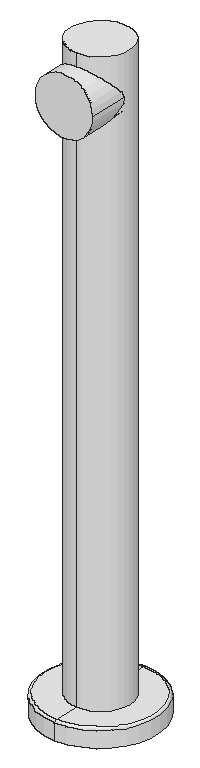
Revit family "Coolibah-contemporary-lever-bath-outlet-250mm-90337C", category Plumbing Fixtures, host Face, Revit 2015
Parameters (values of type "Coolibah-contemporary-lever-bath-outlet-250mm-90337C")
  Waste Connection = no
  Vent Connection = no
  URL = "https://www.caroma.com.au/"
  Model = "90337C"
  Material_Base = GWA_Metal-Chrome
  Manufacturer = "GWA Bathrooms & Kitchens"  # constant formula
  HW Connection = yes
  Description = "Coolibah-contemporary-lever-bath-outlet-250mm"
  Default Elevation = 900 mm
  CreatedBy_ANZRS = "GWA Bathrooms & Kitchens"  # constant formula
  CW Connection = yes
  Assembly Code = "D2010710"
Reference planes
  plane 1 "Center (Front/Back)": y = 0
  plane 2: z = 0
  plane 3 "Center (Left/Right)": x = 0
Forms (mm)
  Revolve 1, solid, material "GWA_Metal-Chrome" <- "Material_Base"
    sketch origin (0, 0, 0) x (0, -1, 0) y (0, 0, 1)
      loop
        line (0, 0) -> (25, 0) -> (25, 7)
        arc (25, 7) -> (24.707, 7.707) -> (24, 8) r 1
        line (24, 8) -> (0, 8) -> (0, 0)
      axis (0, 8) -> (0, 0)
    angle from 0 to 360
  Extrusion 2, solid, material "GWA_Metal-Chrome" <- "Material_Base"
    sketch origin (0, 0, 0) x (0, -1, 0) y (1, 0, 0)
      loop
        circle (0, 0) r 13
    from 8 to 268
  Extrusion 3, solid, material "GWA_Metal-Chrome" <- "Material_Base"
    sketch origin (0, 0, 8.542) x (1, 0, 0) y (0, 0, 1)
      loop
        circle (0, 241.458) r 12.7
    from 0 to 20
Lines and regions (mm)
  Masking region 1
    outline origin (0, 0, 0) x (1, 0, 0) y (0, 1, 0)
      loop
        circle (0, 0) r 25
  Masking region 2
    outline origin (0, 0, 0) x (1, 0, 0) y (0, 0, 1)
      loop
        line (13, 268) -> (-13, 268) -> (-13, 8) -> (-24, 8)
        arc (-24, 8) -> (-24.707, 7.707) -> (-25, 7) r 1
        line (-25, 7) -> (-25, 0) -> (25, 0) -> (25, 7)
        arc (25, 7) -> (24.707, 7.707) -> (24, 8) r 1
        line (24, 8) -> (13, 8) -> (13, 268)
  Masking region 3
    outline origin (0, 0, 0) x (0, 1, 0) y (0, 0, 1)
      loop
        line (13, 268) -> (-13, 268) -> (-13, 262.7) -> (-20, 262.7) -> (-20, 237.3) -> (-13, 237.3) -> (-13, 8) -> (-24, 8)
        arc (-24, 8) -> (-24.707, 7.707) -> (-25, 7) r 1
        line (-25, 7) -> (-25, 0) -> (25, 0) -> (25, 7)
        arc (25, 7) -> (24.707, 7.707) -> (24, 8) r 1
        line (24, 8) -> (13, 8) -> (13, 268)
  symbolic lines
    curve 1: circle (0, 0, 0) r 25 normal (0, 0, 1)
    curve 2: circle (0, 0, 0) r 13 normal (0, 0, 1)
    curve 3: line (-12.7, -2.777, 0) -> (-12.7, -20, 0)
    curve 4: line (-12.7, -20, 0) -> (12.7, -20, 0)
    curve 5: line (12.7, -20, 0) -> (12.7, -2.777, 0)
    curve 6: line (-25, 0, 0) -> (-25, 0, 7)
    curve 7: line (0, 0, 8) -> (-24, 0, 8)
    curve 8: arc (-24, 0, 8) -> (-24.707, 0, 7.707) -> (-25, 0, 7) r 1
    curve 9: line (25, 0, 0) -> (25, 0, 7)
    curve 10: line (0, 0, 8) -> (24, 0, 8)
    curve 11: arc (24, 0, 8) -> (24.707, 0, 7.707) -> (25, 0, 7) r 1
    curve 12: line (13, 0, 268) -> (-13, 0, 268)
    curve 13: line (-13, 0, 268) -> (-13, 0, 8)
    curve 14: line (13, 0, 268) -> (13, 0, 8)
    curve 15: line (0, 25, 0) -> (0, 25, 7)
    curve 16: line (0, 24, 8) -> (0, 13, 8)
    curve 17: line (0, -25, 0) -> (0, -25, 7)
    curve 18: arc (0, -25, 7) -> (0, -24.707, 7.707) -> (0, -24, 8) r 1
    curve 19: arc (0, 24, 8) -> (0, 24.707, 7.707) -> (0, 25, 7) r 1
    curve 20: line (0, -13, 8) -> (0, -24, 8)
    curve 21: line (0, -13, 8) -> (0, -13, 237.3)
    curve 22: line (0, -13, 268) -> (0, 13, 268)
    curve 23: line (0, 13, 268) -> (0, 13, 8)
    curve 24: line (0, -13, 8) -> (0, 13, 8)
    curve 25: line (0, -20, 262.7) -> (0, -20, 237.3)
    curve 26: line (0, -20, 237.3) -> (0, -13, 237.3)
    curve 27: line (0, -20, 262.7) -> (0, -13, 262.7)
    curve 28: arc (0, -13, 262.7) -> (0, -11.767, 250) -> (0, -13, 237.3) r 66
    curve 29: line (0, -13, 262.7) -> (0, -13, 268)
Dimensions and locks
  aligned and locked: plane 2 to host face
  aligned and locked: level to host face
Connectors
  piping at (0, 0, 0), diameter 20
    settings: index 1, connector inside diameter 609.6 mm, connector length 0 mm, flow factor 0, pipe flow 0.0 L/s, pressure drop 0.0 Pa, fitting loss kfactor 0, connector angle 0.00°, fixture units 0, engagement length 0 mm, angle of deflection 0.00°, flow configuration 3, flow direction 1, fitting loss method 0, system type 19, joint type 0, gender type 0, connector reference index -1, connector utility 0, adjustable connector no, is connector primary yes, connector description ""
